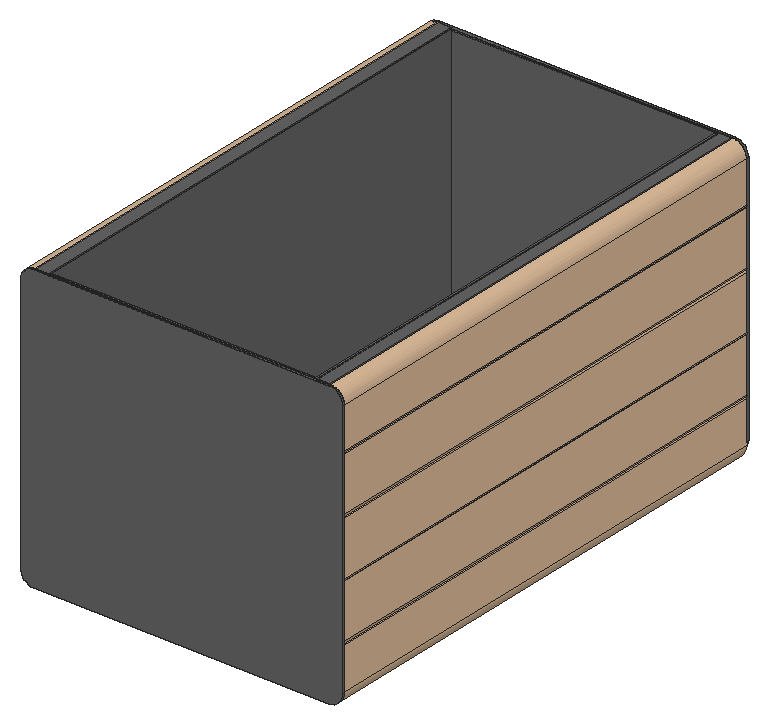
Revit family "1116-S-L", category Meble, Revit 2021
Family settings
  Numer OmniClass = 23.40.20.00
  Tytuł OmniClass = General Furniture and Specialties
  Oparty na płaszczyźnie roboczej = Nie
  Zawsze pionowo = Tak
  Tnij formami wycięć po wczytaniu = Nie
  Współdzielony = Nie
  Punkt obliczania pomieszczeń = Nie
Parameters (values of type "1116-S-L")
  wood = Mobilis Design Wood - Larch
  metal = Mobilis Design RAL 9004
  Width = "50 cm"
  Weight = "60 kg"
  URL = ""
  Size = "130 L"
  Product line = "Centaurus"
  Product Groups = ""
  Manufacturer = ""
  Keynote = ""
  Description = ""
  Model = "1116-S-L"
  Material = ""
  Maintenance = ""
  Lenght = "80 cm"
  Type Comments = ""
  Mobilis Design Materials = ""
  Hosted on = ""
  Height = "46 cm"
  Domyślna rzędna = 0 mm
  Copyright = "All designs and drawings are the common intellectual property of Lars Laj A/S and Tress and are protected by Danish and international copyright laws."
Reference planes
  plane 1 "front": y = 0
  plane 2: z = 0
  plane 3 "Środek (Lewa/Prawa)": x = 0
Forms (mm)
  Extrusion 1, solid, material "Mobilis Design RAL 9004" <- "metal", not visible
    sketch origin (0, 0, 0) x (0, 1, 0) y (0, 0, 1)
      loop
        arc (71.187, 451.5) -> (57.045, 445.642) -> (51.187, 431.5) r 20
        line (51.187, 431.5) -> (51.187, 18.231)
        arc (51.187, 18.231) -> (56.527, 5.34) -> (69.418, 0) r 18.231
        line (69.418, 0) -> (153.638, 0) -> (153.638, 15) -> (448.638, 15) -> (448.638, 0) -> (527.023, 0)
        arc (527.023, 0) -> (542.307, 6.331) -> (548.638, 21.615) r 21.615
        line (548.638, 21.615) -> (548.638, 429.407)
        arc (548.638, 429.407) -> (542.168, 445.029) -> (526.545, 451.5) r 22.093
        line (526.545, 451.5) -> (71.187, 451.5)
    from 750.378 to 745
  Extrusion 2, solid, material "Mobilis Design RAL 9004" <- "metal", not visible
    sketch origin (0, 0, 0) x (0, 1, 0) y (0, 0, 1)
      loop
        line (548.638, 396.844) -> (629.375, 854.725) -> (601.836, 859.581)
        arc (601.836, 859.581) -> (585.224, 855.898) -> (576.082, 841.547) r 22.232
        line (576.082, 841.547) -> (507.306, 451.5) -> (526.545, 451.5)
        arc (526.545, 451.5) -> (542.168, 445.029) -> (548.638, 429.407) r 22.093
        line (548.638, 429.407) -> (548.638, 396.844)
    from 745 to 750.378
  Extrusion 3, solid, material "Mobilis Design Wood - Larch" <- "wood"
    sketch origin (6.56, 119.799, 744) x (1, 0, 0) y (0, 0, 1)
      loop
        line (252.914, -641.5) -> (212, -641.5) -> (212, -731.97) -> (232.65, -731.97)
        arc (232.65, -731.97) -> (248.454, -725.424) -> (255, -709.621) r 22.35
        line (255, -709.621) -> (255, -643.586)
        arc (255, -643.586) -> (254.389, -642.111) -> (252.914, -641.5) r 2.086
    from -261.299 to 533.799
  Extrusion 4, solid, material "Mobilis Design Wood - Larch" <- "wood"
    sketch origin (6.56, 119.799, 839) x (1, 0, 0) y (0, 0, 1)
      loop
        line (253.57, -646.5) -> (212, -646.5) -> (212, -736.5) -> (252.105, -736.5)
        arc (252.105, -736.5) -> (254.152, -735.652) -> (255, -733.605) r 2.895
        line (255, -733.605) -> (255, -647.93)
        arc (255, -647.93) -> (254.581, -646.919) -> (253.57, -646.5) r 1.43
    from -261.299 to 533.799
  Extrusion 5, solid, material "Mobilis Design RAL 9004" <- "metal"
    sketch origin (6.56, 119.799, 35) x (1, 0, 0) y (0, 0, 1)
      loop
        arc (-233.5, 427.5) -> (-248.703, 421.203) -> (-255, 406) r 21.5
        line (-255, 406) -> (-255, -1.454)
        arc (-255, -1.454) -> (-248.703, -16.657) -> (-233.5, -22.954) r 21.5
        line (-233.5, -22.954) -> (233.5, -22.954)
        arc (233.5, -22.954) -> (248.703, -16.657) -> (255, -1.454) r 21.5
        line (255, -1.454) -> (255, 406)
        arc (255, 406) -> (248.703, 421.203) -> (233.5, 427.5) r 21.5
        line (233.5, 427.5) -> (-233.5, 427.5)
    from 533.799 to 536.016
  Extrusion 6, solid, material "Mobilis Design RAL 9004" <- "metal"
    sketch origin (6.56, 119.799, 0) x (1, 0, 0) y (0, 1, 0)
      loop
        line (-233.5, 261.299) -> (-233.5, -530.016) -> (232, -530.016) -> (232, 261.299) -> (-233.5, 261.299)
    from 12 to 19
  Extrusion 7, solid, material "Mobilis Design RAL 9004" <- "metal"
    sketch origin (6.56, 119.799, 0) x (1, 0, 0) y (0, 1, 0)
      loop
        line (-201.598, -114.603) -> (-201.598, -164.603) -> (-148.076, -164.603) -> (-148.076, -114.603) -> (-201.598, -114.603)
      loop
        line (151.598, -164.603) -> (201.598, -164.603) -> (201.598, -116.623) -> (151.598, -116.623) -> (151.598, -164.603)
      loop
        line (-201.598, -460.397) -> (-201.598, -510.397) -> (-151.598, -510.397) -> (-151.598, -460.397) -> (-201.598, -460.397)
      loop
        line (151.598, -460.397) -> (151.598, -510.397) -> (201.598, -510.397) -> (201.598, -460.397) -> (151.598, -460.397)
      loop
        line (-201.598, 240.397) -> (-201.598, 190.397) -> (-148.076, 190.397) -> (-148.076, 240.397) -> (-201.598, 240.397)
      loop
        line (151.598, 190.397) -> (201.598, 190.397) -> (201.598, 238.377) -> (151.598, 238.377) -> (151.598, 190.397)
    from 0 to 12
  Extrusion 8, solid, material "Mobilis Design RAL 9004" <- "metal"
    sketch origin (6.56, 119.799, 0) x (1, 0, 0) y (0, 0, 1)
      loop
        line (-255.619, 441) -> (-255.619, 40.5)
        arc (-255.619, 40.5) -> (-249.322, 25.297) -> (-234.119, 19) r 21.5
        line (-234.119, 19) -> (233.5, 19)
        arc (233.5, 19) -> (248.703, 25.297) -> (255, 40.5) r 21.5
        line (255, 40.5) -> (255, 441)
        arc (255, 441) -> (248.703, 456.203) -> (233.5, 462.5) r 21.5
        line (233.5, 462.5) -> (-234.119, 462.5)
        arc (-234.119, 462.5) -> (-249.322, 456.203) -> (-255.619, 441) r 21.5
    from -265.199 to -261.299
  Extrusion 9, solid, material "Mobilis Design RAL 9004" <- "metal"
    sketch origin (6.56, 119.799, 0) x (1, 0, 0) y (0, 1, 0)
      loop
        line (-212, 265.199) -> (-212, -533.799) -> (212, -533.799) -> (212, 265.199) -> (-212, 265.199)
      loop
        line (-208.789, 257.984) -> (-208.789, -530.838) -> (208.6, -530.838) -> (208.6, 257.984) -> (-208.789, 257.984)
    from 19 to 462.5
  Extrusion 10, solid, material "Mobilis Design Wood - Larch" <- "wood"
    sketch origin (6.56, 119.799, -454) x (1, 0, 0) y (0, 0, 1)
      loop
        arc (253.57, 646.5) -> (254.581, 646.919) -> (255, 647.93) r 1.43
        line (255, 647.93) -> (255, 733.605)
        arc (255, 733.605) -> (254.152, 735.652) -> (252.105, 736.5) r 2.895
        line (252.105, 736.5) -> (212, 736.5) -> (212, 646.5) -> (253.57, 646.5)
    from -261.299 to 533.799
  Extrusion 11, solid, material "Mobilis Design Wood - Larch" <- "wood"
    sketch origin (6.56, 119.799, 1019) x (1, 0, 0) y (0, 0, 1)
      loop
        line (253.57, -646.5) -> (212, -646.5) -> (212, -736.5) -> (252.105, -736.5)
        arc (252.105, -736.5) -> (254.152, -735.652) -> (255, -733.605) r 2.895
        line (255, -733.605) -> (255, -647.93)
        arc (255, -647.93) -> (254.581, -646.919) -> (253.57, -646.5) r 1.43
    from -261.299 to 533.799
  Extrusion 12, solid, material "Mobilis Design Wood - Larch" <- "wood"
    sketch origin (5.94, 119.799, 744) x (-1, 0, 0) y (0, 0, -1)
      loop
        arc (252.914, 641.5) -> (254.389, 642.111) -> (255, 643.586) r 2.086
        line (255, 643.586) -> (255, 709.621)
        arc (255, 709.621) -> (248.454, 725.424) -> (232.65, 731.97) r 22.35
        line (232.65, 731.97) -> (212, 731.97) -> (212, 641.5) -> (252.914, 641.5)
    from -261.299 to 533.799
  Extrusion 13, solid, material "Mobilis Design Wood - Larch" <- "wood"
    sketch origin (5.94, 119.799, 839) x (-1, 0, 0) y (0, 0, -1)
      loop
        arc (253.57, 646.5) -> (254.581, 646.919) -> (255, 647.93) r 1.43
        line (255, 647.93) -> (255, 733.605)
        arc (255, 733.605) -> (254.152, 735.652) -> (252.105, 736.5) r 2.895
        line (252.105, 736.5) -> (212, 736.5) -> (212, 646.5) -> (253.57, 646.5)
    from -261.299 to 533.799
  Extrusion 14, solid, material "Mobilis Design Wood - Larch" <- "wood"
    sketch origin (5.94, 119.799, -269) x (-1, 0, 0) y (0, 0, -1)
      loop
        line (252.914, -641.5) -> (212, -641.5) -> (212, -730.307) -> (232.65, -730.307) -> (232.65, -731.97)
        arc (232.65, -731.97) -> (248.454, -725.424) -> (255, -709.621) r 22.35
        line (255, -709.621) -> (255, -643.586)
        arc (255, -643.586) -> (254.389, -642.111) -> (252.914, -641.5) r 2.086
    from -261.299 to 533.799
  Extrusion 15, solid, material "Mobilis Design Wood - Larch" <- "wood"
    sketch origin (5.94, 119.799, -454) x (-1, 0, 0) y (0, 0, -1)
      loop
        line (253.57, -646.5) -> (212, -646.5) -> (212, -736.5) -> (252.105, -736.5)
        arc (252.105, -736.5) -> (254.152, -735.652) -> (255, -733.605) r 2.895
        line (255, -733.605) -> (255, -647.93)
        arc (255, -647.93) -> (254.581, -646.919) -> (253.57, -646.5) r 1.43
    from -261.299 to 533.799
  Extrusion 16, solid, material "Mobilis Design Wood - Larch" <- "wood"
    sketch origin (5.94, 119.799, 1019) x (-1, 0, 0) y (0, 0, -1)
      loop
        arc (253.57, 646.5) -> (254.581, 646.919) -> (255, 647.93) r 1.43
        line (255, 647.93) -> (255, 733.605)
        arc (255, 733.605) -> (254.152, 735.652) -> (252.105, 736.5) r 2.895
        line (252.105, 736.5) -> (212, 736.5) -> (212, 646.5) -> (253.57, 646.5)
    from -261.299 to 533.799
  Extrusion 17, solid, material "Mobilis Design Wood - Larch" <- "wood"
    sketch origin (6.56, 119.799, -269) x (1, 0, 0) y (0, 0, 1)
      loop
        arc (252.914, 641.5) -> (254.389, 642.111) -> (255, 643.586) r 2.086
        line (255, 643.586) -> (255, 709.621)
        arc (255, 709.621) -> (248.454, 725.424) -> (232.65, 731.97) r 22.35
        line (232.65, 731.97) -> (232.65, 730.307) -> (212, 730.307) -> (212, 641.5) -> (252.914, 641.5)
    from -261.299 to 533.799
  Extrusion 18, solid, material "Mobilis Design RAL 9004" <- "metal"
    sketch origin (0, -414, 0) x (1, 0, 0) y (0, 0, 1)
      loop
        line (239.21, 462.97) -> (218.56, 462.97) -> (218.56, 461.307) -> (239.21, 461.307) -> (239.21, 462.97)
      loop
        line (-226.71, 462.97) -> (-226.71, 461.277) -> (-205.44, 461.277) -> (-205.44, 462.97) -> (-226.71, 462.97)
    from 0 to -795.098
Dimensions and locks
  aligned and locked: level to plane 2
